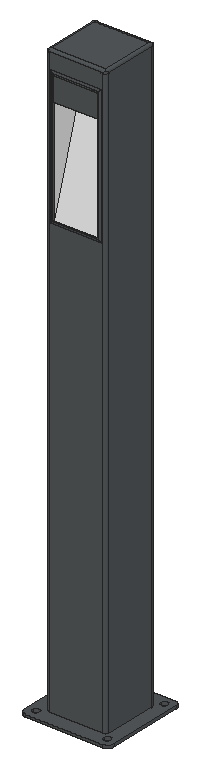
Revit family "svetilnik_alfresco_ar deko_dtu19", category Lighting Fixtures, Revit 2016 (continued)
Definition of nested family "Источник света Ар_Деко"
  Types (5, lengths in mm): name | Photometric Web File | built-in parameter 1150142
         0.2       0.2       0.2       0.2       0.2       0.2       0.2\r\n       0.2       0.2       0.2       0.2       0.2       0.2       0.2       0.2\r\n       0.2       0.2       0.2       0.2       0.2       0.2       0.2       0.2\r\n       0.2       0.2       0.2       0.2       0.2       0.2       0.2       0.2\r\n       0.2       0.2       0.2       0.2       0.2       0.2       0.2       0.2\r\n       0.2       0.2       0.2       0.2       0.2       0.2       0.2       0.2\r\n       0.2       0.2       0.2       0.2       0.2       0.2       0.2       0.2\r\n       0.2       0.2       0.2       0.2       0.2       0.2       0.2       0.2\r\n       0.2       0.2       0.2       0.2       0.2       0.2       0.2       0.2\r\n       0.2       0.2       0.2       0.2       0.2       0.2       0.2       0.2\r\n       0.2       0.2       0.2       0.2       0.2       0.2       0.2       0.2\r\n       0.2       0.2       0.2       0.2       0.2       0.2       0.2       0.2\r\n       0.1       0.1       0.1       0.1       0.1       0.1       0.1       0.1\r\n       0.1       0.1       0.1       0.0       0.0       0.0       0.0       0.0\r\n       0.0       0.0       0.0       0.0       0.0\r\n       0.0       0.0       0.0       0.0       0.0       0.0       0.0       0.0\r\n       0.1       0.1       0.1       0.1       0.1       0.1       0.2       0.2\r\n       0.2       0.2       0.2       0.2       0.2       0.2       0.2       0.2\r\n       0.2       0.2       0.2       0.2       0.2       0.2       0.2       0.2\r\n       0.2       0.2       0.2       0.2       0.2       0.2       0.2       0.2\r\n       0.2       0.2       0.2       0.2       0.2       0.2       0.2       0.2\r\n       0.2       0.2       0.2       0.2       0.2       0.2       0.2       0.2\r\n       0.2       0.2       0.2       0.2       0.2       0.2       0.2       0.2\r\n       0.2       0.2       0.2       0.2       0.2       0.2       0.2       0.2\r\n       0.2       0.2       0.2       0.2       0.2       0.2       0.2       0.2\r\n       0.2       0.2       0.2       0.2       0.2       0.2       0.2       0.2\r\n       0.2       0.2       0.2       0.2       0.2       0.2       0.2       0.2\r\n       0.2       0.2       0.2       0.2       0.2       0.2       0.2       0.2\r\n       0.2       0.2       0.2       0.2       0.2       0.2       0.2       0.2\r\n       0.2       0.2       0.2       0.2       0.2       0.2       0.2       0.2\r\n       0.2       0.2       0.2       0.2       0.2       0.2       0.2       0.2\r\n       0.2       0.2       0.2       0.2       0.2       0.2       0.2       0.2\r\n       0.2       0.2       0.2       0.2       0.2       0.2       0.2       0.2\r\n       0.2       0.2       0.2       0.2       0.2       0.2       0.2       0.2\r\n       0.2       0.2       0.2       0.2       0.2       0.2       0.2       0.2\r\n       0.2       0.2       0.2       0.1       0.1       0.1       0.1       0.1\r\n       0.1       0.1       0.1       0.0       0.0       0.0       0.0       0.0\r\n       0.0       0.0       0.0       0.0       0.0\r\n       0.0       0.0       0.0       0.0       0.0       0.0       0.0       0.0\r\n       0.1       0.1       0.1       0.2       0.2       0.2       0.2       0.2\r\n       0.2       0.2       0.2       0.2       0.2       0.2       0.2       0.2\r\n       0.2       0.2       0.2       0.2       0.2       0.2       0.2       0.2\r\n       0.2       0.2       0.2       0.2       0.2       0.2       0.2       0.2\r\n       0.2       0.2       0.2       0.2       0.2       0.2       0.2       0.2\r\n       0.2       0.2       0.2       0.2       0.2       0.2       0.2       0.2\r\n       0.2       0.2       0.2       0.2       0.2       0.2       0.2       0.2\r\n       0.2       0.2       0.2       0.2       0.2       0.2       0.2       0.2\r\n       0.2       0.2       0.2       0.2       0.2       0.2       0.2       0.2\r\n       0.2       0.2       0.2       0.2       0.2       0.2       0.2       0.2\r\n       0.2       0.2       0.2       0.2       0.2       0.2       0.2       0.2\r\n       0.2       0.2       0.2       0.2       0.2       0.2       0.2       0.2\r\n       0.2       0.2       0.2       0.2       0.2       0.2       0.2       0.2\r\n       0.2       0.2       0.2       0.2       0.2       0.2       0.2       0.2\r\n       0.2       0.2       0.2       0.2       0.2       0.2       0.2       0.2\r\n       0.2       0.2       0.2       0.2       0.2       0.2       0.2       0.2\r\n       0.2       0.2       0.2       0.2       0.2       0.2       0.2       0.2\r\n       0.2       0.2       0.2       0.2       0.2       0.2       0.2       0.2\r\n       0.2       0.2       0.2       0.2       0.2       0.2       0.2       0.2\r\n       0.2       0.2       0.2       0.2       0.2       0.2       0.1       0.1\r\n       0.1       0.1       0.1       0.1       0.0       0.0       0.0       0.0\r\n       0.0       0.0       0.0       0.0       0.0\r\n       0.0       0.0       0.0       0.0       0.0       0.0       0.0       0.0\r\n       0.2       0.1       0.2       0.2       0.2       0.2       0.2       0.2\r\n       0.2       0.2       0.2       0.2       0.2       0.2       0.2       0.2\r\n       0.2       0.2       0.2       0.2       0.2       0.2       0.2       0.2\r\n       0.2       0.2       0.2       0.2       0.2       0.2       0.2       0.2\r\n       0.2       0.2       0.2       0.2       0.2       0.2       0.2       0.2\r\n       0.2       0.2       0.2       0.2       0.2       0.2       0.2       0.2\r\n       0.2       0.2       0.2       0.2       0.2       0.2       0.2       0.2\r\n       0.2       0.2       0.2       0.2       0.2       0.2       0.2       0.2\r\n       0.2       0.2       0.2       0.2       0.2       0.2       0.2       0.2\r\n       0.2       0.2       0.2       0.2       0.2       0.2       0.2       0.2\r\n       0.2       0.2       0.2       0.2       0.2       0.2       0.2       0.2\r\n       0.2       0.2       0.2       0.2       0.2       0.2       0.2       0.2\r\n       0.2       0.2       0.2       0.2       0.2       0.2       0.2       0.2\r\n       0.2       0.2       0.2       0.2       0.2       0.2       0.2       0.2\r\n       0.2       0.2       0.2       0.2       0.2       0.2       0.2       0.2\r\n       0.2       0.2       0.2       0.2       0.2       0.2       0.2       0.2\r\n       0.2       0.2       0.2       0.2       0.2       0.2       0.2       0.2\r\n       0.2       0.2       0.2       0.2       0.2       0.2       0.2       0.2\r\n       0.2       0.2       0.2       0.2       0.2       0.2       0.2       0.2\r\n       0.2       0.2       0.2       0.2       0.2       0.2       0.2       0.2\r\n       0.1       0.1       0.1       0.1       0.0       0.0       0.0       0.0\r\n       0.0       0.0       0.0       0.0       0.0\r\n       0.0       0.0       0.0       0.0       0.0       0.0       0.1       0.1\r\n       0.2       0.2       0.2       0.2       0.2       0.2       0.2       0.2\r\n       0.2       0.2       0.2       0.2       0.2       0.2       0.2       0.2\r\n       0.2       0.2       0.2       0.2       0.2       0.2       0.2       0.2\r\n       0.2       0.2       0.2       0.2       0.2       0.2       0.2       0.2\r\n       0.2       0.2       0.2       0.2       0.2       0.2       0.2       0.2\r\n       0.2       0.2       0.2       0.2       0.2       0.2       0.2       0.2\r\n       0.2       0.2       0.2       0.2       0.2       0.2       0.2       0.2\r\n       0.2       0.2       0.2       0.2       0.2       0.2       0.2       0.2\r\n       0.2       0.2       0.2       0.2       0.2       0.2       0.2       0.2\r\n       0.2       0.2       0.2       0.2       0.2       0.2       0.2       0.2\r\n       0.2       0.2       0.2       0.2       0.2       0.2       0.2       0.2\r\n       0.2       0.2       0.2       0.2       0.2       0.2       0.2       0.2\r\n       0.2       0.2       0.2       0.2       0.2       0.2       0.2       0.2\r\n       0.2       0.2       0.2       0.2       0.2       0.2       0.2       0.2\r\n       0.2       0.2       0.2       0.2       0.2       0.2       0.2       0.2\r\n       0.2       0.2       0.2       0.2       0.2       0.2       0.2       0.2\r\n       0.2       0.2       0.2       0.2       0.2       0.2       0.2       0.2\r\n       0.2       0.2       0.2       0.2       0.2       0.2       0.2       0.2\r\n       0.2       0.2       0.2       0.2       0.2       0.2       0.2       0.2\r\n       0.2       0.2       0.2       0.2       0.2       0.2       0.2       0.2\r\n       0.1       0.1       0.1       0.1       0.0       0.0       0.0       0.0\r\n       0.0       0.0       0.0       0.0       0.0\r\n       0.0       0.0       0.0       0.0       0.0       0.0       0.1       0.1\r\n       0.2       0.2       0.2       0.2       0.2       0.2       0.2       0.2\r\n       0.2       0.2       0.2       0.2       0.2       0.2       0.2       0.2\r\n       0.2       0.2       0.2       0.2       0.2       0.2       0.2       0.2\r\n       0.2       0.2       0.2       0.2       0.2       0.2       0.2       0.2\r\n       0.2       0.2       0.2       0.2       0.2       0.2       0.2       0.2\r\n       0.2       0.2       0.2       0.2       0.2       0.2       0.2       0.2\r\n       0.2       0.2       0.2       0.2       0.2       0.2       0.2       0.2\r\n       0.2       0.2       0.2       0.2       0.2       0.2       0.2       0.2\r\n       0.2       0.2       0.2       0.2       0.2       0.2       0.2       0.2\r\n       0.2       0.2       0.2       0.2       0.2       0.2       0.2       0.2\r\n       0.2       0.2       0.2       0.2       0.2       0.2       0.2       0.2\r\n       0.2       0.2       0.2       0.2       0.2       0.2       0.2       0.2\r\n       0.2       0.2       0.2       0.2       0.2       0.2       0.2       0.2\r\n       0.2       0.2       0.2       0.2       0.2       0.2       0.2       0.2\r\n       0.2       0.2       0.2       0.2       0.2       0.2       0.2       0.2\r\n       0.2       0.2       0.2       0.2       0.2       0.2       0.2       0.2\r\n       0.2       0.2       0.2       0.2       0.2       0.2       0.2       0.2\r\n       0.2       0.2       0.2       0.2       0.2       0.2       0.2       0.2\r\n       0.2       0.2       0.2       0.2       0.2       0.2       0.2       0.2\r\n       0.2       0.2       0.2       0.2       0.2       0.2       0.2       0.2\r\n       0.1       0.1       0.1       0.1       0.0       0.0       0.0       0.0\r\n       0.0       0.0       0.0       0.0       0.0\r\n       0.0       0.0       0.0       0.0       0.0       0.0       0.1       0.1\r\n       0.2       0.2       0.2       0.2       0.2       0.2       0.2       0.2\r\n       0.2       0.2       0.2       0.2       0.2       0.2       0.2       0.2\r\n       0.2       0.2       0.2       0.2       0.2       0.2       0.2       0.2\r\n       0.2       0.2       0.2       0.2       0.2       0.2       0.2       0.2\r\n       0.2       0.2       0.2       0.2       0.2       0.2       0.2       0.2\r\n       0.2       0.2       0.2       0.2       0.2       0.2       0.2       0.2\r\n       0.2       0.2       0.2       0.2       0.2       0.2       0.2       0.2\r\n       0.2       0.2       0.2       0.2       0.2       0.2       0.2       0.2\r\n       0.2       0.2       0.2       0.2       0.2       0.2       0.2       0.2\r\n       0.2       0.2       0.2       0.2       0.2       0.2       0.2       0.2\r\n       0.2       0.2       0.2       0.2       0.2       0.2       0.2       0.2\r\n       0.2       0.2       0.2       0.2       0.2       0.2       0.2       0.2\r\n       0.2       0.2       0.2       0.2       0.2       0.2       0.2       0.2\r\n       0.2       0.2       0.2       0.2       0.2       0.2       0.2       0.2\r\n       0.2       0.2       0.2       0.2       0.2       0.2       0.2       0.2\r\n       0.2       0.2       0.2       0.2       0.2       0.2       0.2       0.2\r\n       0.2       0.2       0.2       0.2       0.2       0.2       0.2       0.2\r\n       0.2       0.2       0.2       0.2       0.2       0.2       0.2       0.2\r\n       0.2       0.2       0.2       0.2       0.2       0.2       0.2       0.2\r\n       0.2       0.2       0.2       0.2       0.2       0.2       0.2       0.2\r\n       0.1       0.1       0.1       0.1       0.1       0.0       0.0       0.0\r\n       0.0       0.0       0.0       0.0       0.0\r\n       0.0       0.0       0.0       0.0       0.0       0.1       0.1       0.1\r\n       0.2       0.2       0.2       0.2       0.2       0.2       0.2       0.2\r\n       0.2       0.2       0.2       0.2       0.2       0.2       0.2       0.2\r\n       0.2       0.2       0.2       0.2       0.2       0.2       0.2       0.2\r\n       0.2       0.2       0.2       0.2       0.2       0.2       0.2       0.2\r\n       0.2       0.2       0.2       0.2       0.2       0.2       0.2       0.2\r\n       0.2       0.2       0.2       0.2       0.2       0.2       0.2       0.2\r\n       0.2       0.2       0.2       0.2       0.2       0.2       0.2       0.2\r\n       0.2       0.2       0.2       0.2       0.2       0.2       0.2       0.2\r\n       0.2       0.2       0.2       0.2       0.2       0.2       0.2       0.2\r\n       0.2       0.2       0.2       0.2       0.2       0.2       0.2       0.2\r\n       0.2       0.2       0.2       0.2       0.2       0.2       0.2       0.2\r\n       0.2       0.2       0.2       0.2       0.2       0.2       0.2       0.2\r\n       0.2       0.2       0.2       0.2       0.2       0.2       0.2       0.2\r\n       0.2       0.2       0.2       0.2       0.2       0.2       0.2       0.2\r\n       0.2       0.2       0.2       0.2       0.2       0.2       0.2       0.2\r\n       0.2       0.2       0.2       0.2       0.2       0.2       0.2       0.2\r\n       0.2       0.2       0.2       0.2       0.2       0.2       0.2       0.2\r\n       0.2       0.2       0.2       0.2       0.2       0.2       0.2       0.2\r\n       0.2       0.2       0.2       0.2       0.2       0.2       0.2       0.2\r\n       0.2       0.2       0.2       0.2       0.2       0.2       0.2       0.2\r\n       0.1       0.1       0.1       0.1       0.1       0.0       0.0       0.0\r\n       0.0       0.0       0.0       0.0       0.0\r\n       0.0       0.0       0.0       0.0       0.0       0.1       0.1       0.1\r\n       0.2       0.2       0.2       0.2       0.2       0.2       0.2       0.2\r\n       0.2       0.2       0.2       0.2       0.2       0.2       0.2       0.2\r\n       0.2       0.2       0.2       0.2       0.2       0.2       0.2       0.2\r\n       0.2       0.2       0.2       0.2       0.2       0.2       0.2       0.2\r\n       0.2       0.2       0.2       0.2       0.2       0.2       0.2       0.2\r\n       0.2       0.2       0.2       0.2       0.2       0.2       0.2       0.2\r\n       0.2       0.2       0.2       0.2       0.2       0.2       0.2       0.2\r\n       0.2       0.2       0.2       0.2       0.2       0.2       0.2       0.2\r\n       0.2       0.2       0.2       0.2       0.2       0.2       0.2       0.2\r\n       0.2       0.2       0.2       0.2       0.2       0.2       0.2       0.2\r\n       0.2       0.2       0.2       0.2       0.2       0.2       0.2       0.2\r\n       0.2       0.2       0.2       0.2       0.2       0.2       0.2       0.2\r\n       0.2       0.2       0.2       0.2       0.2       0.2       0.2       0.2\r\n       0.2       0.2       0.2       0.2       0.2       0.2       0.2       0.2\r\n       0.2       0.2       0.2       0.2       0.2       0.2       0.2       0.2\r\n       0.2       0.2       0.2       0.2       0.2       0.2       0.2       0.2\r\n       0.2       0.2       0.2       0.2       0.2       0.2       0.2       0.2\r\n       0.2       0.2       0.2       0.2       0.2       0.2       0.2       0.2\r\n       0.2       0.2       0.2       0.2       0.2       0.2       0.2       0.2\r\n       0.2       0.2       0.2       0.2       0.2       0.2       0.2       0.2\r\n       0.1       0.1       0.1       0.1       0.1       0.0       0.0       0.0\r\n       0.0       0
      .0       0.0       0.0       0.0\r\n       0.0       0.0       0.0       0.0       0.0       0.1       0.1       0.1\r\n       0.2       0.2       0.2       0.2       0.2       0.2       0.2       0.2\r\n       0.2       0.2       0.2       0.2       0.2       0.2       0.2       0.2\r\n       0.2       0.2       0.2       0.2       0.2       0.2       0.2       0.2\r\n       0.2       0.2       0.2       0.2       0.2       0.2       0.2       0.2\r\n       0.2       0.2       0.2       0.2       0.2       0.2       0.2       0.2\r\n       0.2       0.2       0.2       0.2       0.2       0.2       0.2       0.2\r\n       0.2       0.2       0.2       0.2       0.2       0.2       0.2       0.2\r\n       0.2       0.2       0.2       0.2       0.2       0.2       0.2       0.2\r\n       0.2       0.2       0.2       0.2       0.2       0.2       0.2       0.2\r\n       0.2       0.2       0.2       0.2       0.2       0.2       0.2       0.2\r\n       0.2       0.2       0.2       0.2       0.2       0.2       0.2       0.2\r\n       0.2       0.2       0.2       0.2       0.2       0.2       0.2       0.2\r\n       0.2       0.2       0.2       0.2       0.2       0.2       0.2       0.2\r\n       0.2       0.2       0.2       0.2       0.2       0.2       0.2       0.2\r\n       0.2       0.2       0.2       0.2       0.2       0.2       0.2       0.2\r\n       0.2       0.2       0.2       0.2       0.2       0.2       0.2       0.2\r\n       0.2       0.2       0.2       0.2       0.2       0.2       0.2       0.2\r\n       0.2       0.2       0.2       0.2       0.2       0.2       0.2       0.2\r\n       0.2       0.2       0.2       0.2       0.2       0.2       0.2       0.2\r\n       0.2       0.2       0.2       0.2       0.2       0.2       0.2       0.2\r\n       0.1       0.1       0.1       0.1       0.1       0.1       0.0       0.0\r\n       0.0       0.0       0.0       0.0       0.0\r\n       0.0       0.0       0.0       0.0       0.1       0.1       0.1       0.1\r\n       0.2       0.2       0.2       0.2       0.2       0.2       0.2       0.2\r\n       0.2       0.2       0.2       0.2       0.2       0.2       0.2       0.2\r\n       0.2       0.2       0.2       0.2       0.2       0.2       0.2       0.2\r\n       0.2       0.2       0.2       0.2       0.2       0.2       0.2       0.2\r\n       0.2       0.2       0.2       0.2       0.2       0.2       0.2       0.2\r\n       0.2       0.2       0.2       0.2       0.2       0.2       0.2       0.2\r\n       0.2       0.2       0.2       0.2       0.2       0.2       0.2       0.2\r\n       0.2       0.2       0.2       0.2       0.2       0.2       0.2       0.2\r\n       0.2       0.2       0.2       0.2       0.2       0.2       0.2       0.2\r\n       0.2       0.2       0.2       0.2       0.2       0.2       0.2       0.2\r\n       0.2       0.2       0.2       0.2       0.2       0.2       0.2       0.2\r\n       0.2       0.2       0.2       0.2       0.2       0.2       0.2       0.2\r\n       0.2       0.2       0.2       0.2       0.2       0.2       0.2       0.2\r\n       0.2       0.2       0.2       0.2       0.2       0.2       0.2       0.2\r\n       0.2       0.2       0.2       0.2       0.2       0.2       0.2       0.2\r\n       0.2       0.2       0.2       0.2       0.2       0.2       0.2       0.2\r\n       0.2       0.2       0.2       0.2       0.2       0.2       0.2       0.2\r\n       0.2       0.2       0.2       0.2       0.2       0.2       0.2       0.2\r\n       0.2       0.2       0.2       0.2       0.2       0.2       0.2       0.2\r\n       0.2       0.2       0.2       0.2       0.2       0.2       0.2       0.2\r\n       0.1       0.1       0.1       0.1       0.1       0.1       0.0       0.0\r\n       0.0       0.0       0.0       0.0       0.0\r\n       0.0       0.0       0.0       0.0       0.1       0.1       0.1       0.1\r\n       0.2       0.2       0.2       0.2       0.2       0.2       0.2       0.2\r\n       0.2       0.2       0.2       0.2       0.2       0.2       0.2       0.2\r\n       0.2       0.2       0.2       0.2       0.2       0.2       0.2       0.2\r\n       0.2       0.2       0.2       0.2       0.2       0.2       0.2       0.2\r\n       0.2       0.2       0.2       0.2       0.2       0.2       0.2       0.2\r\n       0.2       0.2       0.2       0.2       0.2       0.2       0.2       0.2\r\n       0.2       0.2       0.2       0.2       0.2       0.2       0.2       0.2\r\n       0.2       0.2       0.2       0.2       0.2       0.2       0.2       0.2\r\n       0.2       0.2       0.2       0.2       0.2       0.2       0.2       0.2\r\n       0.2       0.2       0.2       0.2       0.2       0.2       0.2       0.2\r\n       0.2       0.2       0.2       0.2       0.2       0.2       0.2       0.2\r\n       0.2       0.2       0.2       0.2       0.2       0.2       0.2       0.2\r\n       0.2       0.2       0.2       0.2       0.2       0.2       0.2       0.2\r\n       0.2       0.2       0.2       0.2       0.2       0.2       0.2       0.2\r\n       0.2       0.2       0.2       0.2       0.2       0.2       0.2       0.2\r\n       0.2       0.2       0.2       0.2       0.2       0.2       0.2       0.2\r\n       0.2       0.2       0.2       0.2       0.2       0.2       0.2       0.2\r\n       0.2       0.2       0.2       0.2       0.2       0.2       0.2       0.2\r\n       0.2       0.2       0.2       0.2       0.2       0.2       0.2       0.2\r\n       0.2       0.2       0.2       0.2       0.2       0.2       0.2       0.2\r\n       0.2       0.2       0.1       0.1       0.1       0.1       0.0       0.0\r\n       0.0       0.0       0.0       0.0       0.0\r\n       0.0       0.0       0.0       0.0       0.1       0.1       0.1       0.1\r\n       0.2       0.2       0.2       0.2       0.2       0.2       0.2       0.2\r\n       0.2       0.2       0.2       0.2       0.2       0.2       0.2       0.2\r\n       0.2       0.2       0.2       0.2       0.2       0.2       0.2       0.2\r\n       0.2       0.2       0.2       0.2       0.2       0.2       0.2       0.2\r\n       0.2       0.2       0.2       0.2       0.2       0.2       0.2       0.2\r\n       0.2       0.2       0.2       0.2       0.2       0.2       0.2       0.2\r\n       0.2       0.2       0.2       0.2       0.2       0.2       0.2       0.2\r\n       0.2       0.2       0.2       0.2       0.2       0.2       0.2       0.2\r\n       0.2       0.2       0.2       0.2       0.2       0.2       0.2       0.2\r\n       0.2       0.2       0.2       0.2       0.2       0.2       0.2       0.2\r\n       0.2       0.2       0.2       0.2       0.2       0.2       0.2       0.2\r\n       0.2       0.2       0.2       0.2       0.2       0.2       0.2       0.2\r\n       0.2       0.2       0.2       0.2       0.2       0.2       0.2       0.2\r\n       0.2       0.2       0.2       0.2       0.2       0.2       0.2       0.2\r\n       0.2       0.2       0.2       0.2       0.2       0.2       0.2       0.2\r\n       0.2       0.2       0.2       0.2       0.2       0.2       0.2       0.2\r\n       0.2       0.2       0.2       0.2       0.2       0.2       0.2       0.2\r\n       0.2       0.2       0.2       0.2       0.2       0.2       0.2       0.2\r\n       0.2       0.2       0.2       0.2       0.2       0.2       0.2       0.2\r\n       0.2       0.2       0.2       0.2       0.2       0.2       0.2       0.2\r\n       0.2       0.2       0.1       0.1       0.1       0.1       0.0       0.0\r\n       0.0       0.0       0.0       0.0       0.0\r\n       0.0       0.0       0.0       0.1       0.1       0.1       0.1       0.1\r\n       0.2       0.2       0.2       0.2       0.2       0.2       0.2       0.2\r\n       0.2       0.2       0.2       0.2       0.2       0.2       0.2       0.2\r\n       0.2       0.2       0.2       0.2       0.2       0.2       0.2       0.2\r\n       0.2       0.2       0.2       0.2       0.2       0.2       0.2       0.2\r\n       0.2       0.2       0.2       0.2       0.2       0.2       0.2       0.2\r\n       0.2       0.2       0.2       0.2       0.2       0.2       0.2       0.2\r\n       0.2       0.2       0.2       0.2       0.2       0.2       0.2       0.2\r\n       0.2       0.2       0.2       0.2       0.2       0.2       0.2       0.2\r\n       0.2       0.2       0.2       0.2       0.2       0.2       0.2       0.2\r\n       0.2       0.2       0.2       0.2       0.2       0.2       0.2       0.2\r\n       0.2       0.2       0.2       0.2       0.2       0.2       0.2       0.2\r\n       0.2       0.2       0.2       0.2       0.2       0.2       0.2       0.2\r\n       0.2       0.2       0.2       0.2       0.2       0.2       0.2       0.2\r\n       0.2       0.2       0.2       0.2       0.2       0.2       0.2       0.2\r\n       0.2       0.2       0.2       0.2       0.2       0.2       0.2       0.2\r\n       0.2       0.2       0.2       0.2       0.2       0.2       0.2       0.2\r\n       0.2       0.2       0.2       0.2       0.2       0.2       0.2       0.2\r\n       0.2       0.2       0.2       0.2       0.2       0.2       0.2       0.2\r\n       0.2       0.2       0.2       0.2       0.2       0.2       0.2       0.2\r\n       0.2       0.2       0.2       0.2       0.2       0.2       0.2       0.2\r\n       0.2       0.2       0.1       0.1       0.1       0.1       0.0       0.0\r\n       0.0       0.0       0.0       0.0       0.0\r\n       0.0       0.0       0.0       0.1       0.1       0.1       0.1       0.1\r\n       0.2       0.2       0.2       0.2       0.2       0.2       0.2       0.2\r\n       0.2       0.2       0.2       0.2       0.2       0.2       0.2       0.2\r\n       0.2       0.2       0.2       0.2       0.2       0.2       0.2       0.2\r\n       0.2       0.2       0.2       0.2       0.2       0.2       0.2       0.2\r\n       0.2       0.2       0.2       0.2       0.2       0.2       0.2       0.2\r\n       0.2       0.2       0.2       0.2       0.2       0.2       0.2       0.2\r\n       0.2       0.2       0.2       0.2       0.2       0.2       0.2       0.2\r\n       0.2       0.2       0.2       0.2       0.2       0.2       0.2       0.2\r\n       0.2       0.2       0.2       0.2       0.2       0.2       0.2       0.2\r\n       0.2       0.2       0.2       0.2       0.2       0.2       0.2       0.2\r\n       0.2       0.2       0.2       0.2       0.2       0.2       0.2       0.2\r\n       0.2       0.2       0.2       0.2       0.2       0.2       0.2       0.2\r\n       0.2       0.2       0.2       0.2       0.2       0.2       0.2       0.2\r\n       0.2       0.2       0.2       0.2       0.2       0.2       0.2       0.2\r\n       0.2       0.2       0.2       0.2       0.2       0.2       0.2       0.2\r\n       0.2       0.2       0.2       0.2       0.2       0.2       0.2       0.2\r\n       0.2       0.2       0.2       0.2       0.2       0.2       0.2       0.2\r\n       0.2       0.2       0.2       0.2       0.2       0.2       0.2       0.2\r\n       0.2       0.2       0.2       0.2       0.2       0.2       0.2       0.2\r\n       0.2       0.2       0.2       0.2       0.2       0.2       0.2       0.2\r\n       0.2       0.2       0.1       0.1       0.1       0.1       0.0       0.0\r\n       0.0       0.0       0.0       0.0       0.0\r\n       0.0       0.0       0.0       0.1       0.1       0.1       0.1       0.1\r\n       0.2       0.2       0.2       0.2       0.2       0.2       0.2       0.2\r\n       0.2       0.2       0.2       0.2       0.2       0.2       0.2       0.2\r\n       0.2       0.2       0.2       0.2       0.2       0.2       0.2       0.2\r\n       0.2       0.2       0.2       0.2       0.2       0.2       0.2       0.2\r\n       0.2       0.2       0.2       0.2       0.2       0.2       0.2       0.2\r\n       0.2       0.2       0.2       0.2       0.2       0.2       0.2       0.2\r\n       0.2       0.2       0.2       0.2       0.2       0.2       0.2       0.2\r\n       0.2       0.2       0.2       0.2       0.2       0.2       0.2       0.2\r\n       0.2       0.2       0.2       0.2       0.2       0.2       0.2       0.2\r\n       0.2       0.2       0.2       0.2       0.2       0.2       0.2       0.2\r\n       0.2       0.2       0.2       0.2       0.2       0.2       0.2       0.2\r\n       0.2       0.2       0.2       0.2       0.2       0.2       0.2       0.2\r\n       0.2       0.2       0.2       0.2       0.2       0.2       0.2       0.2\r\n       0.2       0.2       0.2       0.2       0.2       0.2       0.2       0.2\r\n       0.2       0.2       0.2       0.2       0.2       0.2       0.2       0.2\r\n       0.2       0.2       0.2       0.2       0.2       0.2       0.2       0.2\r\n       0.2       0.2       0.2       0.2       0.2       0.2       0.2       0.2\r\n       0.2       0.2       0.2       0.2       0.2       0.2       0.2       0.2\r\n       0.2       0.2       0.2       0.2       0.2       0.2       0.2       0.2\r\n       0.2       0.2       0.2       0.2       0.2       0.2       0.2       0.2\r\n       0.2       0.2       0.1       0.1       0.1       0.1       0.0       0.0\r\n       0.0       0.0       0.0       0.0       0.0\r\n       0.0       0.0       0.0       0.1       0.1       0.1       0.1       0.1\r\n       0.2       0.2       0.2       0.2       0.2       0.2       0.2       0.2\r\n       0.2       0.2       0.2       0.2       0.2       0.2       0.2       0.2\r\n       0.3       0.3       0.2       0.2       0.2       0.2       0.2       0.2\r\n       0.2       0.2       0.2       0.2       0.2       0.2       0.2       0.2\r\n       0.2       0.2       0.2       0.2       0.2       0.2       0.2       0.2\r\n       0.2       0.2       0.2       0.2       0.2       0.2       0.2       0.2\r\n       0.2       0.2       0.2       0.2       0.2       0.2       0.2       0.2\r\n       0.2       0.2       0.2       0.2       0.2       0.2       0.2       0.2\r\n       0.2       0.2       0.2       0.2       0.2       0.2       0.2       0.2\r\n       0.2       0.2       0.2       0.2       0.2       0.2       0.2       0.2\r\n       0.2       0.2       0.2       0.2       0.2       0.2       0.2       0.2\r\n       0.2       0.2       0.2       0.2       0.2       0.2       0.2       0.2\r\n       0.2       0.2       0.2       0.2       0.2       0.2       0.2       0.2\r\n       0.2       0.2       0.2       0.2       0.2       0.2       0.2       0.2\r\n       0.2       0.2       0.2       0.2       0.2       0.2       0.2       0.2\r\n       0.2       0.2       0.2       0.2       0.2       0.2       0.2       0.2\r\n       0.2       0.2       0.2       0.2       0.2       0.2       0.2       0.2\r\n       0.2       0.2       0.2       0.2       0.2       0.2       0.2       0.2\r\n       0.2       0.2       0.2       0.2       0.2       0.2       0.2       0.2\r\n       0.2       0.2       0.2       0.2       0.2       0.2       0.2       0.2\r\n       0.2       0.2       0.2       0.1       0.1       0.1       0.0       0.0\r\n       0.0       0.0       0.0       0.0       0.0\r\n       0.0       0.0       0.0       0.1       0.1       0.1       0.1       0.1\r\n       0.2       0.2       0.2       0.2       0.2       0.2       0.2       0.2\r\n       0.2       0.2       0.2       0.2       0.2       0.2       0.2       0.2\r\n       0.3       0.3       0.2       0.2       0.2       0.2       0.2       0.2\r\n       0.2       0.2       0.2       0.2       0.2       0.2       0.2       0.2\r\n       0.2       0.2       0.2       0.2       0.2       0.2       0.2       0.2\r\n       0.2       0.2       0.2       0.2       0.2       0.2       0.2       0.2\r\n       0.2       0.2       0.2       0.2       0.2       0.2       0.2       0.2\r\n       0.2       0.2       0.2       0.2       0.2       0.2       0.2       0.2\r\n       0.2       0.2       0.2       0.2       0.2       0.2       0.2       0.2\r\n       0.2       0.2       0.2       0.2       0.2       0.2       0.2       0.2\r\n       0.2       0.2       0.2       0.2       0.2       0.2       0.2       0.2\r\n       0.2       0.2       0.2       0.2       0.2       0.2       0.2       0.2\r\n       0.2       0.2       0.2       0.2       0.2  
